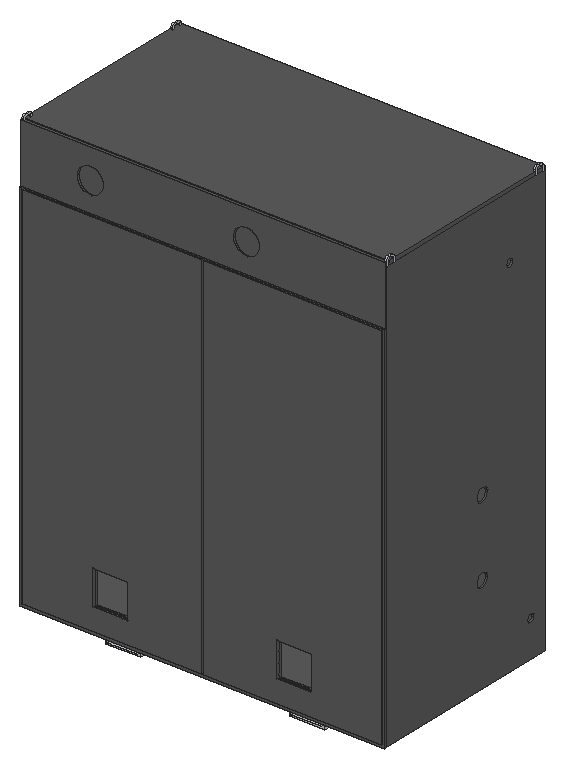
Revit family "Котел наружного размещения_BLOCK-COND-300_FedericaBugatti_R20", category Оборудование, Revit 2020
Family settings
  Размер круглого соединителя = Использовать диаметр
  Классификация = Нет
  Тип детали = Нормальный
  На основе рабочей плоскости = Нет
  Всегда вертикально = Да
  При загрузке вырезать с полостями = Нет
  Общий = Нет
  Точка расчета площади = Да
Parameters (values of type "BLOCKCOND_300")
  Отметка по умолчанию = 0 mm
  Материал_Патрубки = ADSK_Металл_Сталь оцинкованная
  Материал_ВнешняяСтенка = ADSK_Металл_Окрашенный_Черный темный
  Дымоход_Диаметр_150 [instance] = yes
  Дымоход_Диаметр [instance] = if(Дымоход_Диаметр_150, 150 mm, 100 mm)  # 150 mm
  ADSK_Расход жидкости [instance] = 0.0 L/s
  ADSK_Размер_Ширина = 2100 mm  # constant formula
  ADSK_Размер_Диаметр = 80 mm
  ADSK_Размер_Глубина = 1150 mm  # constant formula
  ADSK_Размер_Высота = 2500 mm  # constant formula
  ADSK_Примечание [instance] = ""
  ADSK_Полная мощность = ADSK_Номинальная мощность / ADSK_Коэффициент мощности  # 300000 VA
  ADSK_Позиция [instance] = ""
  ADSK_Обозначение = ""
  ADSK_Номинальная мощность = 300000 W
  ADSK_Напряжение = 230 V  # constant formula
  ADSK_Наименование = "Котел наружного размещения BLOCK-COND-300"  # constant formula
  ADSK_Масса_Текст = "900"  # constant formula
  ADSK_Масса = 900  # constant formula
  ADSK_Марка = "BLOCK-COND-300"  # constant formula
  ADSK_Коэффициент мощности = 1  # constant formula
  ADSK_Количество фаз = 1
  ADSK_Количество = 1  # constant formula
  ADSK_Код изделия = ""
  ADSK_Классификация нагрузок = Прочее
  ADSK_Завод-изготовитель = "Federica Bugatti"  # constant formula
  ADSK_Единица измерения = "шт"  # constant formula
Reference planes
  plane 1 "По центру (Вперед/Назад)": y = 0
  plane 2: z = 0
  plane 3 "По центру (Влево/Вправо)": x = 0
  plane 4: y = 575
  plane 5: x = -1050
  plane 6: y = -575
  plane 7: x = 1050
  plane 8: z = 2590
  plane 9: y = -560
  plane 10: z = 2250
  plane 11: z = 2570
  plane 12: x = 1035
  plane 13: y = 475
  plane 14: z = 90
  plane 15: z = 1170
  plane 16: x = -1035
  plane 17: x = -5
  plane 18: x = 5
  plane 19: y = -567.5
  plane 20: x = -1038
  plane 21: x = 1038
  plane 22: z = 2238
  plane 23: z = 102
  plane 24: y = 565
  plane 25: y = 515
  plane 26: z = 2610
  plane 27: z = 230
  plane 28: z = 430
  plane 29: x = 430
  plane 30: x = 630
  plane 31: x = -430
  plane 32: x = -630
  plane 33: y = -548
  plane 34: z = 2420
  plane 35: x = -650
  plane 36: x = 250
  plane 37: z = 2390
  plane 38: y = 325
  plane 39: y = 125
  plane 40: z = 300
  plane 41: z = 650
  plane 42: z = 1090
  plane 43: z = 2200
  plane 44: y = -375
  plane 45: z = 1700
  plane 46: x = -630
  plane 47: x = 630
  plane 48: x = 430
  plane 49: x = -430
  plane 50: y = -475
  plane 51: y = -557.5
Forms (mm)
  Extrusion 1, solid, material "ADSK_Металл_Окрашенный_Черный темный" <- "Материал_ВнешняяСтенка"
    sketch origin (0, 0, 0) x (1, 0, 0) y (0, 1, 0)
      loop
        line (-1050, 575) -> (-1050, -560) -> (1050, -560) -> (1050, 575) -> (-1050, 575)
      loop
        line (-1038, 565) -> (-1038, -548) -> (1038, -548) -> (1038, 565) -> (-1038, 565)
    from 90 to 2570
  Extrusion 2, solid, material "ADSK_Металл_Окрашенный_Черный темный" <- "Материал_ВнешняяСтенка"
    sketch origin (0, 0, 0) x (1, 0, 0) y (0, 1, 0)
      loop
        line (-1050, -545) -> (-1050, -567.5) -> (1050, -567.5) -> (1050, -545) -> (-1050, -545)
    from 2250 to 2590
  Extrusion 3, solid, material "ADSK_Металл_Окрашенный_Черный темный" <- "Материал_ВнешняяСтенка"
    sketch origin (0, 0, 0) x (1, 0, 0) y (0, 1, 0)
      loop
        line (-1050, 575) -> (-1050, -545) -> (1050, -545) -> (1050, 575) -> (-1050, 575)
    from 2570 to 2590
  Extrusion 4, solid, material "ADSK_Металл_Окрашенный_Черный темный" <- "Материал_ВнешняяСтенка"
    sketch origin (0, 0, 0) x (1, 0, 0) y (0, 1, 0)
      loop
        line (5, -560) -> (5, -575) -> (1035, -575) -> (1035, -560) -> (5, -560)
      loop
        line (-5, -560) -> (-1035, -560) -> (-1035, -575) -> (-5, -575) -> (-5, -560)
    from 102 to 2238
  Extrusion 5, solid, material "ADSK_Металл_Окрашенный_Черный темный" <- "Материал_ВнешняяСтенка"
    sketch origin (0, 0, 0) x (1, 0, 0) y (0, 0, 1)
      loop
        line (-1050, 2250) -> (-1050, 90) -> (1050, 90) -> (1050, 2250) -> (1038, 2250) -> (1038, 102) -> (-1038, 102) -> (-1038, 2250) -> (-1050, 2250)
    from 560 to 575
  Sweep 6, solid, material "ADSK_Металл_Сталь оцинкованная" <- "Материал_Патрубки"
    path origin (-1038, 1608.353, 1200) x (0, 1, 0) y (0, 0, 1)
      loop
        line (-1043.353, 1370) -> (-1043.353, 1395)
        arc (-1043.353, 1395) -> (-1047.746, 1405.607) -> (-1058.353, 1410) r 15
        line (-1058.353, 1410) -> (-1078.353, 1410)
        arc (-1078.353, 1410) -> (-1088.959, 1405.607) -> (-1093.353, 1395) r 15
        line (-1093.353, 1395) -> (-1093.353, 1370)
    profile origin (-1038, 565, 2582.5) x (0, -1, 0) y (1, 0, 0)
      loop
        line (-3, -12) -> (3, -12) -> (3, -2) -> (-3, -2) -> (-3, -12)
  Extrusion 7, void
    sketch origin (0, 0, 0) x (1, 0, 0) y (0, 0, 1)
      loop
        line (-630, 430) -> (-630, 230) -> (-430, 230) -> (-430, 430) -> (-630, 430)
      loop
        line (430, 430) -> (430, 230) -> (630, 230) -> (630, 430) -> (430, 430)
    from 548 to 575
  Extrusion 8, void
    sketch origin (0, 0, 0) x (1, 0, 0) y (0, 0, 1)
      loop
        circle (-650, 2420) r 75
      loop
        circle (250, 2420) r 75
    from 545 to 567.5
  Extrusion 9, void
    sketch origin (0, 0, 0) x (0, 1, 0) y (0, 0, 1)
      loop
        circle (475, 2390) r 25
    from -1050 to -1035
  Extrusion 10, void
    sketch origin (0, 0, 0) x (0, 1, 0) y (0, 0, 1)
      loop
        circle (125, 1090) r 40
      loop
        circle (125, 650) r 40
      loop
        circle (475, 300) r 25
      loop
        circle (325, 2200) r 25
      loop
        circle (-375, 1700) r 1.5
    from 1035 to 1050
  Extrusion 11, solid, material "ADSK_Металл_Сталь оцинкованная" <- "Материал_Патрубки"
    sketch origin (0, 0, 0) x (1, 0, 0) y (0, 0, 1)
      loop
        line (-630, 0) -> (-430, 0) -> (-430, 90) -> (-438, 90) -> (-438, 8) -> (-622, 8) -> (-622, 90) -> (-630, 90) -> (-630, 0)
      loop
        line (630, 0) -> (630, 90) -> (622, 90) -> (622, 8) -> (438, 8) -> (438, 90) -> (430, 90) -> (430, 0) -> (630, 0)
    from -575 to 483.539
  Extrusion 12, solid, material "ADSK_Металл_Окрашенный_Черный темный" <- "Материал_ВнешняяСтенка"
    sketch origin (0, 0, -2488) x (1, 0, 0) y (0, 1, 0)
      loop
        line (-1050, 575) -> (-1050, -548) -> (1050, -548) -> (1050, 575) -> (-1050, 575)
    from 2578 to 2590
  Sweep 13, solid, material "ADSK_Металл_Сталь оцинкованная" <- "Материал_Патрубки"
    path origin (-1038, -1600.853, 1200) x (0, -1, 0) y (0, 0, -1)
      loop
        line (-1043.353, -1370) -> (-1043.353, -1395)
        arc (-1043.353, -1395) -> (-1047.746, -1405.607) -> (-1058.353, -1410) r 15
        line (-1058.353, -1410) -> (-1078.353, -1410)
        arc (-1078.353, -1410) -> (-1088.959, -1405.607) -> (-1093.353, -1395) r 15
        line (-1093.353, -1395) -> (-1093.353, -1370)
    profile origin (-1038, -557.5, 2582.5) x (0, -1, 0) y (1, 0, 0)
      loop
        line (3, -12) -> (3, -2) -> (-3, -2) -> (-3, -12) -> (3, -12)
  Sweep 14, solid, material "ADSK_Металл_Сталь оцинкованная" <- "Материал_Патрубки"
    path origin (1038, 1608.353, 1200) x (0, 1, 0) y (0, 0, -1)
      loop
        line (-1043.353, -1370) -> (-1043.353, -1395)
        arc (-1043.353, -1395) -> (-1047.746, -1405.607) -> (-1058.353, -1410) r 15
        line (-1058.353, -1410) -> (-1078.353, -1410)
        arc (-1078.353, -1410) -> (-1088.959, -1405.607) -> (-1093.353, -1395) r 15
        line (-1093.353, -1395) -> (-1093.353, -1370)
    profile origin (1038, 565, 2582.5) x (0, 1, 0) y (-1, 0, 0)
      loop
        line (3, -12) -> (3, -2) -> (-3, -2) -> (-3, -12) -> (3, -12)
  Sweep 15, solid, material "ADSK_Металл_Сталь оцинкованная" <- "Материал_Патрубки"
    path origin (1038, -1600.853, 1200) x (0, -1, 0) y (0, 0, 1)
      loop
        line (-1043.353, 1370) -> (-1043.353, 1395)
        arc (-1043.353, 1395) -> (-1047.746, 1405.607) -> (-1058.353, 1410) r 15
        line (-1058.353, 1410) -> (-1078.353, 1410)
        arc (-1078.353, 1410) -> (-1088.959, 1405.607) -> (-1093.353, 1395) r 15
        line (-1093.353, 1395) -> (-1093.353, 1370)
    profile origin (1038, -557.5, 2582.5) x (0, 1, 0) y (-1, 0, 0)
      loop
        line (-3, -12) -> (3, -12) -> (3, -2) -> (-3, -2) -> (-3, -12)
Cuts and joins
  Extrusion 7 cuts Extrusion 4
  Extrusion 7, Extrusion 9, Extrusion 10 cuts Extrusion 1
  Extrusion 8 cuts Extrusion 2
Dimensions and locks
  equal spacing: plane 5, plane 3 "По центру (Влево/Вправо)", plane 7
  "ADSK_Размер_Ширина": plane 5 to plane 7
  equal spacing: plane 4, plane 1 "По центру (Вперед/Назад)", plane 6
  "ADSK_Размер_Глубина": plane 6 to plane 4
  locked: plane 6 to plane 9 at 15
  plane 8 to plane 10 = 340 mm
  locked: plane 8 to plane 11 at 20
  locked: plane 12 to plane 7 at 15
  "ADSK_Размер_Высота": plane 8 to plane 14
  equal spacing: plane 10, plane 15, plane 14
  locked: plane 5 to plane 16 at 15
  locked: plane 3 "По центру (Влево/Вправо)" to plane 18 at 5
  locked: plane 17 to plane 3 "По центру (Влево/Вправо)" at 5
  locked: plane 6 to Extrusion 2 sketch curve at 30
  equal spacing: plane 6, plane 19, plane 9
  locked: plane 20 to plane 5 at 12
  locked: plane 21 to plane 7 at 12
  locked: plane 10 to plane 22 at 12
  locked: plane 23 to plane 14 at 12
  plane 26 to plane 8 = 20 mm  (x2)
  plane 4 to plane 24 = 10 mm
  plane 24 to plane 25 = 50 mm
  equal spacing: Sweep 6 sketch curve, profile plane, Sweep 6 sketch curve
  Sweep 6 sketch curve to Sweep 6 sketch curve to profile plane = 10 mm, 2 mm
  locked: Sweep 6 sketch curve to Sweep 6 sketch curve at 6
  plane 27 to plane 14 = 140 mm
  plane 28 to plane 27 = 200 mm
  locked: plane 29 to plane 30 at 200
  locked: plane 31 to plane 32 at 200
  locked: plane 9 to plane 33 at 12
  equal spacing: plane 8, plane 34, plane 10
  locked: plane 35 to plane 5 at 400
  locked: plane 36 to plane 35 at 900
  locked: plane 4 to plane 13 at 100
  locked: plane 8 to plane 37 at 200
  locked: plane 38 to plane 4 at 250
  plane 13 to plane 4 = 100 mm
  locked: plane 39 to plane 4 at 450
  locked: plane 40 to plane 2 at 300
  locked: plane 41 to plane 2 at 650
  locked: plane 42 to plane 2 at 1090
  locked: plane 43 to plane 2 at 2200
  plane 6 to plane 44 = 200 mm
  locked: plane 45 to plane 2 at 1700
  locked: plane 46 to plane 5 at 420
  locked: plane 47 to plane 7 at 420
  locked: plane 48 to plane 47 at 200
  locked: plane 49 to plane 46 at 200
  locked: Extrusion 11 sketch curve to plane 48 at 8
  locked: Extrusion 11 sketch curve to plane 2 at 8  (x2)
  locked: Extrusion 11 sketch curve to Extrusion 11 sketch curve at 8  (x3)
  locked: plane 14 to plane 2 at 90
  locked: plane 26 to plane 8 at 20
  plane 49 to plane 48 = 860 mm
  locked: plane 16 to plane 32 at 405
  locked: plane 30 to plane 12 at 405
  locked: plane 4 to plane 50 at 1050
  locked: plane 51 to cut or joined group of Extrusion 2, Extrusion 8 at 10
  equal spacing: Sweep 13 sketch curve, profile plane, Sweep 13 sketch curve
  Sweep 13 sketch curve to Sweep 13 sketch curve to profile plane = 10 mm, 2 mm
  locked: Sweep 13 sketch curve to Sweep 13 sketch curve at 6
  equal spacing: Sweep 14 sketch curve, profile plane, Sweep 14 sketch curve
  Sweep 14 sketch curve to Sweep 14 sketch curve to profile plane = 10 mm, 2 mm
  locked: Sweep 14 sketch curve to Sweep 14 sketch curve at 6
  equal spacing: Sweep 15 sketch curve, profile plane, Sweep 15 sketch curve
  Sweep 15 sketch curve to Sweep 15 sketch curve to profile plane = 10 mm, 2 mm
  locked: Sweep 15 sketch curve to Sweep 15 sketch curve at 6
  radius of Sweep 6 sketch curve = 15 mm
  "Дымоход_Диаметр": diameter of Extrusion 8 sketch curve  (x2)
  diameter of Extrusion 9 sketch curve = 50 mm
  diameter of Extrusion 10 sketch curve = 50 mm  (x2)
  diameter of Extrusion 10 sketch curve = 3 mm
  diameter of Extrusion 10 sketch curve = 80 mm  (x2)
  radius of Sweep 13 sketch curve = 15 mm
  radius of Sweep 14 sketch curve = 15 mm
  radius of Sweep 15 sketch curve = 15 mm
  aligned and locked: level to plane 2
  aligned and locked: plane 5 to Extrusion 1 sketch curve
  aligned and locked: Extrusion 1 sketch curve to plane 9
  aligned and locked: plane 7 to Extrusion 1 sketch curve
  aligned and locked: Extrusion 1 to plane 5
  aligned and locked: Extrusion 1 to plane 7
  aligned and locked: plane 7 to Extrusion 2 sketch curve
  aligned and locked: plane 5 to Extrusion 2 sketch curve
  aligned and locked: plane 10 to Extrusion 2
  aligned and locked: Extrusion 3 sketch curve to Extrusion 2
  aligned and locked: plane 8 to Extrusion 3
  aligned and locked: plane 11 to Extrusion 3
  aligned and locked: Extrusion 1 to Extrusion 4 sketch curve
  aligned and locked: Extrusion 4 sketch curve to plane 6
  aligned and locked: Extrusion 4 sketch curve to plane 12
  aligned and locked: plane 14 to Extrusion 1
  aligned and locked: plane 18 to Extrusion 4 sketch curve
  aligned and locked: Extrusion 4 sketch curve to plane 17
  aligned and locked: plane 6 to Extrusion 4 sketch curve
  aligned and locked: Extrusion 4 sketch curve to plane 9
  aligned and locked: plane 16 to Extrusion 4 sketch curve
  aligned and locked: Extrusion 1 sketch curve to plane 4
  aligned and locked: Extrusion 1 to plane 11
  aligned and locked: Extrusion 3 to plane 11
  aligned and locked: plane 22 to Extrusion 4
  aligned and locked: Extrusion 4 to plane 23
  aligned and locked: Extrusion 5 sketch curve to Extrusion 2  (x4)
  aligned and locked: Extrusion 5 sketch curve to plane 20
  aligned and locked: Extrusion 5 sketch curve to Extrusion 4
  aligned and locked: plane 21 to Extrusion 5 sketch curve
  aligned and locked: Extrusion 5 to plane 9
  aligned and locked: Sweep 6 sketch curve to plane 24
  aligned and locked: plane 26 to Sweep 6 sketch curve
  aligned and locked: plane 25 to Sweep 6 sketch curve
  aligned and locked: plane 28 to Extrusion 7 sketch curve  (x2)
  aligned and locked: plane 32 to Extrusion 7 sketch curve
  aligned and locked: plane 27 to Extrusion 7 sketch curve  (x2)
  aligned and locked: plane 31 to Extrusion 7 sketch curve
  aligned and locked: plane 29 to Extrusion 7 sketch curve
  aligned and locked: plane 30 to Extrusion 7 sketch curve
  aligned and locked: plane 6 to Extrusion 7
  aligned and locked: Extrusion 1 sketch curve to plane 24
  aligned and locked: plane 20 to Extrusion 1 sketch curve
  aligned and locked: plane 21 to Extrusion 1 sketch curve
  aligned and locked: plane 33 to Extrusion 1 sketch curve
  aligned and locked: plane 33 to Extrusion 7
  aligned and locked: plane 34 to Extrusion 8 sketch curve  (x2)
  aligned and locked: plane 35 to Extrusion 8 sketch curve
  aligned and locked: plane 36 to Extrusion 8 sketch curve
  aligned and locked: Extrusion 8 to plane 19
  aligned and locked: Extrusion 2 to Extrusion 8
  aligned and locked: Extrusion 3 to Extrusion 2
  aligned and locked: plane 8 to Extrusion 2
  aligned and locked: plane 37 to Extrusion 9 sketch curve
  aligned and locked: plane 13 to Extrusion 9 sketch curve
  aligned and locked: Extrusion 9 to plane 5
  aligned and locked: Extrusion 4 to Extrusion 9
  aligned and locked: plane 40 to Extrusion 10 sketch curve
  aligned and locked: plane 13 to Extrusion 10 sketch curve
  aligned and locked: plane 41 to Extrusion 10 sketch curve
  aligned and locked: plane 39 to Extrusion 10 sketch curve  (x2)
  aligned and locked: plane 42 to Extrusion 10 sketch curve
  aligned and locked: plane 45 to Extrusion 10 sketch curve
  aligned and locked: plane 44 to Extrusion 10 sketch curve
  aligned and locked: plane 38 to Extrusion 10 sketch curve
  aligned and locked: plane 43 to Extrusion 10 sketch curve
  aligned and locked: Extrusion 10 to plane 7
  aligned and locked: Extrusion 10 to plane 12
  aligned and locked: Extrusion 11 sketch curve to plane 2
  aligned and locked: Extrusion 11 sketch curve to plane 46
  aligned and locked: Extrusion 11 sketch curve to plane 49
  aligned and locked: plane 2 to Extrusion 11 sketch curve
  aligned and locked: plane 47 to Extrusion 11 sketch curve
  aligned and locked: plane 48 to Extrusion 11 sketch curve
  aligned and locked: plane 4 to Extrusion 11
  aligned and locked: plane 6 to Extrusion 5
  aligned and locked: plane 14 to Extrusion 12
  aligned and locked: cut or joined group of Extrusion 4, Extrusion 7 to plane 23
  aligned and locked: Extrusion 12 to plane 33
  aligned and locked: plane 4 to Extrusion 12
Automatic sketch dimensions
  Extrusion 2 sketch curve to plane 19 = 0 mm
  Extrusion 3 sketch curve to plane 5 = 0 mm
  Extrusion 3 sketch curve to plane 4 = 0 mm
  plane 33 to Extrusion 3 sketch curve = 3 mm
  Extrusion 5 sketch curve to plane 14 = 0 mm
  plane 11 to Sweep 6 sketch curve = 0 mm  (x2)
  plane 8 to Sweep 6 sketch curve = 5 mm
  Extrusion 11 sketch curve to plane 14 = 0 mm  (x4)
  Extrusion 12 sketch curve to plane 5 = 0 mm
  Extrusion 12 sketch curve to plane 7 = 0 mm
  Extrusion 12 sketch curve to plane 33 = 0 mm
  Extrusion 12 sketch curve to plane 4 = 0 mm
  plane 11 to Sweep 13 sketch curve = 0 mm  (x2)
  plane 26 to Sweep 13 sketch curve = 0 mm
  Sweep 13 sketch curve to plane 51 = 0 mm
  Sweep 13 sketch curve to Sweep 13 sketch curve = 20 mm
  plane 8 to Sweep 13 sketch curve = 5 mm
  Sweep 14 sketch curve to plane 25 = 0 mm
  plane 26 to Sweep 14 sketch curve = 0 mm
  Sweep 14 sketch curve to plane 24 = 0 mm
  plane 11 to Sweep 14 sketch curve = 0 mm  (x2)
  plane 8 to Sweep 14 sketch curve = 5 mm
  plane 11 to Sweep 15 sketch curve = 0 mm  (x2)
  plane 26 to Sweep 15 sketch curve = 0 mm
  Sweep 15 sketch curve to plane 51 = 0 mm
  Sweep 15 sketch curve to Sweep 15 sketch curve = 20 mm
  plane 8 to Sweep 15 sketch curve = 5 mm
Connectors
  electrical at (1050, -375, 1700), driven by "ADSK_Классификация нагрузок", driven by "ADSK_Количество фаз", driven by "ADSK_Напряжение", driven by "ADSK_Полная мощность", driven by "ADSK_Коэффициент мощности"
    settings: on Extrusion 10, index 8, voltage 230 V, apparent load 300000 VA, apparent load phase1 0 VA, apparent load phase2 0 VA, apparent load phase3 0 VA, power factor 1, load classification "Прочее", number of poles 1, system type 30, power factor state 1, is connector primary yes, connector utility no, sub classification motor no, connector description ""
  piping at (-650, -567.5, 2420), diameter 150, driven by "Дымоход_Диаметр"
    settings: on Extrusion 8, index 9, connector inside diameter 609.6 mm, connector length 0 mm, flow factor 0, pipe flow 0.0 L/s, pressure drop 0.0 Pa, fitting loss kfactor 0, connector angle 0.00°, fixture units 0, engagement length 0 mm, angle of deflection 0.00°, flow configuration 0, flow direction 2, fitting loss method 0, system type 22, joint type 0, gender type 0, connector reference index -1, connector utility 0, adjustable connector no, is connector primary no, connector description ""
  piping at (250, -567.5, 2420), diameter 150, driven by "Дымоход_Диаметр"
    settings: on Extrusion 8, index 10, connector inside diameter 609.6 mm, connector length 0 mm, flow factor 0, pipe flow 0.0 L/s, pressure drop 0.0 Pa, fitting loss kfactor 0, connector angle 0.00°, fixture units 0, engagement length 0 mm, angle of deflection 0.00°, flow configuration 0, flow direction 2, fitting loss method 0, system type 22, joint type 0, gender type 0, connector reference index -1, connector utility 0, adjustable connector no, is connector primary no, connector description ""
  piping at (1050, 125, 1090), diameter 80, driven by "ADSK_Размер_Диаметр", driven by "ADSK_Расход жидкости"
    settings: on Extrusion 10, index 11, connector inside diameter 609.6 mm, connector length 0 mm, flow factor 0, pipe flow 0.0 L/s, pressure drop 0.0 Pa, fitting loss kfactor 0, connector angle 0.00°, fixture units 0, engagement length 0 mm, angle of deflection 0.00°, flow configuration 0, flow direction 2, fitting loss method 0, system type 29, joint type 0, gender type 0, connector reference index 12, connector utility 0, adjustable connector no, is connector primary yes, connector description "Подача отопления"
  piping at (1050, 125, 650), diameter 80, driven by "ADSK_Размер_Диаметр", driven by "ADSK_Расход жидкости"
    settings: on Extrusion 10, index 12, connector inside diameter 609.6 mm, connector length 0 mm, flow factor 0, pipe flow 0.0 L/s, pressure drop 0.0 Pa, fitting loss kfactor 0, connector angle 0.00°, fixture units 0, engagement length 0 mm, angle of deflection 0.00°, flow configuration 0, flow direction 1, fitting loss method 0, system type 29, joint type 0, gender type 0, connector reference index 11, connector utility 0, adjustable connector no, is connector primary no, connector description "Обратка отопления"
  piping at (1050, 475, 300), diameter 50
    settings: on Extrusion 10, index 13, connector inside diameter 609.6 mm, connector length 0 mm, flow factor 0, pipe flow 0.0 L/s, pressure drop 0.0 Pa, fitting loss kfactor 0, connector angle 0.00°, fixture units 0, engagement length 0 mm, angle of deflection 0.00°, flow configuration 0, flow direction 2, fitting loss method 0, system type 16, joint type 0, gender type 0, connector reference index -1, connector utility 0, adjustable connector no, is connector primary no, connector description "Дренаж"
  piping at (1050, 325, 2200), diameter 50
    settings: on Extrusion 10, index 14, connector inside diameter 609.6 mm, connector length 0 mm, flow factor 0, pipe flow 0.0 L/s, pressure drop 0.0 Pa, fitting loss kfactor 0, connector angle 0.00°, fixture units 0, engagement length 0 mm, angle of deflection 0.00°, flow configuration 0, flow direction 1, fitting loss method 0, system type 29, joint type 0, gender type 0, connector reference index 15, connector utility 0, adjustable connector no, is connector primary no, connector description "Вход газа"
  piping at (-1050, 475, 2390), diameter 50
    settings: on Extrusion 9, index 15, connector inside diameter 609.6 mm, connector length 0 mm, flow factor 0, pipe flow 0.0 L/s, pressure drop 0.0 Pa, fitting loss kfactor 0, connector angle 0.00°, fixture units 0, engagement length 0 mm, angle of deflection 0.00°, flow configuration 0, flow direction 2, fitting loss method 0, system type 29, joint type 0, gender type 0, connector reference index 14, connector utility 0, adjustable connector no, is connector primary no, connector description "Выход газовой свечи"
